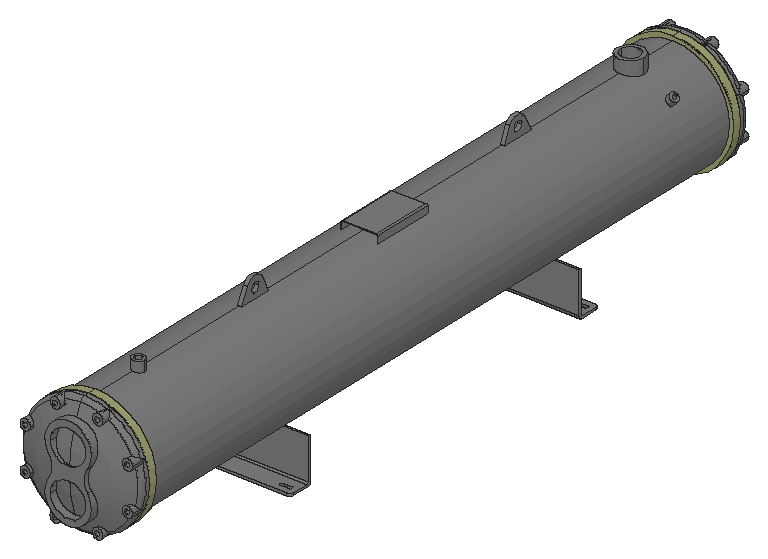
Revit family "MIT-BCM_315_4P", category Specialty Equipment, Revit 2022
Family settings
  Round Connector Dimension = Use Radius
  Part Type = Normal
  Work Plane-Based = No
  Always vertical = Yes
  Cut with Voids When Loaded = No
  Maintain Annotation Orientation = No
  Shared = No
  Room Calculation Point = No
Parameters
  URL = "https://en.ekinendustriyel.com/evaporators-and-condensers"
  Test Pressure = 64.35 bar
  Production Standard = "TS EN 13831"
  Operating Pressure = 45.0 bar
  Model = "MIT-BCM 315_4P"
  Manufacturer = "Ekin Endüstriyel"
  Keynote = "Condensers"
  Description = "MIT- Condensers"
  Default Elevation = 0 mm
Reference planes
  plane 1 "Center (Front/Back)": y = 0
  plane 2: z = 0
  plane 3 "Center (Left/Right)": x = 0
Forms (mm)
  Extrusion 1, solid, material "Ekin Endustriyel-S235JR"
    sketch origin (0, 0, 0) x (1, 0, 0) y (0, 0, 1)
      loop
        circle (0, 216.5) r 136.55
    from -880 to 880
  Extrusion 2, solid, material "Ekin Endustriyel-S235JR", detail levels fine
    sketch origin (0, 0, 107.968) x (1, 0, 0) y (0, 0, 1)
      loop
        line (-45, 235.88) -> (-44, 235.88) -> (-44, 252.88)
        arc (-44, 252.88) -> (-43.414, 254.294) -> (-42, 254.88) r 2
        line (-42, 254.88) -> (42, 254.88)
        arc (42, 254.88) -> (43.414, 254.294) -> (44, 252.88) r 2
        line (44, 252.88) -> (44, 235.88) -> (45, 235.88) -> (45, 252.88)
        arc (45, 252.88) -> (44.121, 255.002) -> (42, 255.88) r 3
        line (42, 255.88) -> (-42, 255.88)
        arc (-42, 255.88) -> (-44.121, 255.002) -> (-45, 252.88) r 3
        line (-45, 252.88) -> (-45, 235.88)
    from -75 to 75
  Extrusion 3, solid, material "Ekin Endustriyel-S235JR", detail levels fine
    sketch origin (0, 500.19, 28.671) x (1, 0, 0) y (0, 1, 0)
      loop
        circle (0, 249.81) r 32.5
      loop
        circle (0, 249.81) r 23.144
    from 354.329 to 306.293
  Extrusion 4, solid, material "Ekin Endustriyel-S235JR", detail levels fine
    sketch origin (0, -499.666, 25.55) x (1, 0, 0) y (0, 1, 0)
      loop
        circle (0, -250.334) r 15
      loop
        circle (0, -250.334) r 8.928
    from 349.45 to 211.07
  Extrusion 5, solid, material "Ekin Endustriyel-S235JR", detail levels fine
    sketch origin (71.72, 749.856, 264.541) x (0, 1, 0) y (-0.707107, 0, 0.707107)
      loop
        circle (0.144, 16.744) r 11
      loop
        circle (0.144, 16.744) r 6.244
    from 66.816 to -32.02
  Extrusion 6, solid, material "Ekin Endustriyel-S235JR", detail levels fine
    sketch origin (0, -500.291, 0) x (1, 0, 0) y (0, 1, 0)
      loop
        circle (0, -249.709) r 25
      loop
        circle (0, -249.709) r 20.109
    from 50 to 169.15
  Extrusion 7, solid, material "Ekin Endustriyel-S235JR", detail levels coarse
    sketch origin (0, 0, 12.15) x (1, 0, 0) y (0, 0, 1)
      loop
        circle (0, 204.35) r 147.5
    from -953 to 963
  Extrusion 8, solid, material "Ekin Endustriyel-S235JR"
    sketch origin (0, -275.334, 0) x (0, -1, 0) y (0, 0, -1)
      loop
        line (134.666, -9) -> (134.666, -110) -> (139.666, -110) -> (139.666, -9)
        arc (139.666, -9) -> (140.837, -6.172) -> (143.666, -5) r 4
        line (143.666, -5) -> (194.666, -5) -> (194.666, 0) -> (143.666, 0)
        arc (143.666, 0) -> (137.302, -2.636) -> (134.666, -9) r 9
    from -147.5 to 147.5
  Extrusion 9, void
    sketch origin (0, -470, 5) x (0, 1, 0) y (-1, 0, 0)
      loop
        arc (25.25, -111) -> (20, -105.75) -> (14.75, -111) r 5.25
        line (14.75, -111) -> (14.75, -131)
        arc (14.75, -131) -> (20, -136.25) -> (25.25, -131) r 5.25
        line (25.25, -131) -> (25.25, -111)
      loop
        arc (10, -147.5) -> (2.929, -144.571) -> (0, -137.5) r 10
        line (0, -137.5) -> (0, 137.5)
        arc (0, 137.5) -> (2.929, 144.571) -> (10, 147.5) r 10
        line (10, 147.5) -> (-10, 147.5) -> (-10, -147.5) -> (10, -147.5)
      loop
        line (14.75, 131) -> (14.75, 111)
        arc (14.75, 111) -> (20, 105.75) -> (25.25, 111) r 5.25
        line (25.25, 111) -> (25.25, 131)
        arc (25.25, 131) -> (20, 136.25) -> (14.75, 131) r 5.25
    from -5 to 0
  Extrusion 10, solid, material "Ekin Endustriyel-S235JR", detail levels medium+fine
    sketch origin (40, -549.666, 12.133) x (1, 0, 0) y (0, 0, 1)
      loop
        circle (-40, 261.867) r 42.65
      loop
        circle (-40, 146.867) r 42.65
      loop
        arc (7.514, 231.018) -> (-40, 318.517) -> (-87.514, 231.018) r 56.65
        arc (-87.514, 231.018) -> (-80.172, 204.367) -> (-87.514, 177.716) r 52.041
        arc (-87.514, 177.716) -> (-40, 90.217) -> (7.514, 177.716) r 56.65
        arc (7.514, 177.716) -> (0.172, 204.367) -> (7.514, 231.018) r 52.041
    from 390.526 to 413.334
  Extrusion 11, solid, material "Ekin Endustriyel-S235JR", detail levels medium+fine
    sketch origin (0, -549.666, 12.133) x (1, 0, 0) y (0, 0, -1)
      loop
        circle (-51.638, -329.097) r 12.5
      loop
        circle (-51.662, -329.09) r 6.25
      loop
        circle (51.638, -329.097) r 12.5
      loop
        circle (51.662, -329.09) r 6.25
      loop
        circle (-51.638, -79.637) r 12.5
      loop
        circle (-51.662, -79.643) r 6.25
      loop
        circle (51.638, -79.637) r 12.5
      loop
        circle (51.662, -79.643) r 6.25
      loop
        circle (-124.73, -152.728) r 12.5
      loop
        circle (-124.724, -152.704) r 6.25
      loop
        circle (-124.73, -256.005) r 12.5
      loop
        circle (-124.724, -256.029) r 6.25
      loop
        circle (124.73, -152.728) r 12.5
      loop
        circle (124.724, -152.704) r 6.25
      loop
        circle (124.73, -256.005) r 12.5
      loop
        circle (124.724, -256.029) r 6.25
    from -388.334 to -355.334
  Extrusion 12, solid, material "Ekin Endustriyel-S235JR", detail levels fine
    sketch origin (0, -0.334, 79.238) x (0, -1, 0) y (0, 0, -1)
      loop
        line (-440.334, -273.721) -> (-422.806, -309.676)
        arc (-422.806, -309.676) -> (-400.334, -323.721) -> (-377.863, -309.676) r 25
        line (-377.863, -309.676) -> (-360.334, -273.721) -> (-440.334, -273.721)
      loop
        circle (-400.334, -298.721) r 12.5
      loop
        line (439.666, -273.721) -> (359.666, -273.721) -> (377.194, -309.676)
        arc (377.194, -309.676) -> (399.666, -323.721) -> (422.137, -309.676) r 25
        line (422.137, -309.676) -> (439.666, -273.721)
      loop
        circle (399.666, -298.721) r 12.5
    from -5 to 5
  Extrusion 13, solid, material "Ekin Endustriyel-AISI316L", detail levels medium+fine
    sketch origin (0, -549.666, 12.133) x (1, 0, 0) y (0, 0, 1)
      loop
        circle (0, 204.367) r 147.5
    from 330.334 to 350.334
  Revolve 14, solid, material "Ekin Endustriyel-S235JR", detail levels medium+fine
    sketch origin (0, -549.666, 12.133) x (0, 1, 0) y (0, 0, 1)
      loop
        line (-350.334, 351.867) -> (-361.403, 351.867)
        arc (-361.403, 351.867) -> (-369.114, 349.693) -> (-374.553, 343.811) r 14.761
        arc (-374.553, 343.811) -> (-399.668, 276.073) -> (-408.463, 204.367) r 310.769
        line (-408.463, 204.367) -> (-350.334, 204.367) -> (-350.334, 351.867)
      axis (-350.334, 204.367) -> (-408.463, 204.367)
    angle from 0 to 360
  Extrusion 15, solid, material "Ekin Endustriyel-S235JR"
    sketch origin (0, 275.334, 0) x (0, 1, 0) y (0, 0, 1)
      loop
        arc (134.666, 9) -> (137.302, 2.636) -> (143.666, 0) r 9
        line (143.666, 0) -> (194.666, 0) -> (194.666, 5) -> (143.666, 5)
        arc (143.666, 5) -> (140.837, 6.172) -> (139.666, 9) r 4
        line (139.666, 9) -> (139.666, 110) -> (134.666, 110) -> (134.666, 9)
    from -147.5 to 147.5
  Extrusion 16, void
    sketch origin (0, 470, 5) x (0, -1, 0) y (1, 0, 0)
      loop
        line (25.25, 111) -> (25.25, 131)
        arc (25.25, 131) -> (20, 136.25) -> (14.75, 131) r 5.25
        line (14.75, 131) -> (14.75, 111)
        arc (14.75, 111) -> (20, 105.75) -> (25.25, 111) r 5.25
      loop
        line (10, 147.5) -> (-10, 147.5) -> (-10, -147.5) -> (10, -147.5)
        arc (10, -147.5) -> (2.929, -144.571) -> (0, -137.5) r 10
        line (0, -137.5) -> (0, 137.5)
        arc (0, 137.5) -> (2.929, 144.571) -> (10, 147.5) r 10
      loop
        arc (14.75, -131) -> (20, -136.25) -> (25.25, -131) r 5.25
        line (25.25, -131) -> (25.25, -111)
        arc (25.25, -111) -> (20, -105.75) -> (14.75, -111) r 5.25
        line (14.75, -111) -> (14.75, -131)
    from -5 to 0
  Extrusion 17, solid, material "Ekin Endustriyel-S235JR", detail levels medium+fine
    sketch origin (0, 549.666, 12.133) x (1, 0, 0) y (0, 0, 1)
      loop
        circle (-51.638, 329.097) r 12.5
      loop
        circle (-51.662, 329.09) r 6.25
      loop
        circle (51.638, 329.097) r 12.5
      loop
        circle (51.662, 329.09) r 6.25
      loop
        circle (-51.638, 79.637) r 12.5
      loop
        circle (-51.662, 79.643) r 6.25
      loop
        circle (51.638, 79.637) r 12.5
      loop
        circle (51.662, 79.643) r 6.25
      loop
        circle (-124.73, 152.728) r 12.5
      loop
        circle (-124.724, 152.704) r 6.25
      loop
        circle (-124.73, 256.005) r 12.5
      loop
        circle (-124.724, 256.029) r 6.25
      loop
        circle (124.73, 152.728) r 12.5
      loop
        circle (124.724, 152.704) r 6.25
      loop
        circle (124.73, 256.005) r 12.5
      loop
        circle (124.724, 256.029) r 6.25
      loop
        circle (92.985, 111.382) r 14.499
    from -388.334 to -355.334
  Extrusion 18, solid, material "Ekin Endustriyel-AISI316L", detail levels medium+fine
    sketch origin (0, 549.666, 12.133) x (1, 0, 0) y (0, 0, -1)
      loop
        circle (0, -204.367) r 147.5
    from 330.334 to 350.334
  Revolve 19, solid, material "Ekin Endustriyel-S235JR", detail levels medium+fine
    sketch origin (0, 549.666, 12.133) x (0, -1, 0) y (0, 0, -1)
      loop
        line (-350.334, -351.867) -> (-350.334, -204.367) -> (-408.463, -204.367)
        arc (-408.463, -204.367) -> (-399.668, -276.073) -> (-374.553, -343.811) r 310.769
        arc (-374.553, -343.811) -> (-369.114, -349.693) -> (-361.403, -351.867) r 14.761
        line (-361.403, -351.867) -> (-350.334, -351.867)
      axis (-350.334, -204.367) -> (-408.463, -204.367)
    angle from 0 to 360
  Extrusion 20, solid, material "Ekin Endustriyel-Zinc", detail levels medium+fine
    sketch origin (0, 549.666, 12.133) x (1, 0, 0) y (0, 0, 1)
      loop
        circle (-92.985, 297.351) r 14.5
    from -388.334 to -355.334
  Extrusion 21, solid, material "Ekin Endustriyel-S235JR", detail levels medium+fine
    sketch origin (0, 549.666, 12.133) x (1, 0, 0) y (0, 0, 1)
      loop
        circle (0, 279.367) r 17.52
      loop
        circle (-0.248, 129.396) r 17.5
    from -404.161 to -355.334
Cuts and joins
  Extrusion 9, Extrusion 16 cuts Extrusion 8
  Extrusion 16 cuts Extrusion 15
  joined: Extrusion 1, Extrusion 8, Extrusion 15
Dimensions and locks
  aligned and locked: level to plane 2
Connectors
  piping at (0, -963, 274), diameter 76.2
    settings: on Extrusion 10, index 1, connector inside diameter 609.6 mm, connector length 0 mm, flow factor 0, pipe flow 0.0 L/s, pressure drop 0.0 Pa, fitting loss kfactor 0, connector angle 0.00°, fixture units 0, engagement length 0 mm, angle of deflection 0.00°, flow configuration 0, flow direction 1, fitting loss method 0, system type 7, joint type 0, gender type 0, connector reference index -1, connector utility 0, adjustable connector no, is connector primary yes, connector description ""
  piping at (0, -963, 159), diameter 76.2
    settings: on Extrusion 10, index 2, connector inside diameter 609.6 mm, connector length 0 mm, flow factor 0, pipe flow 0.0 L/s, pressure drop 0.0 Pa, fitting loss kfactor 0, connector angle 0.00°, fixture units 0, engagement length 0 mm, angle of deflection 0.00°, flow configuration 0, flow direction 2, fitting loss method 0, system type 7, joint type 0, gender type 0, connector reference index -1, connector utility 0, adjustable connector no, is connector primary no, connector description ""
  hvac at (0, 750, 383)
    settings: on Extrusion 3, index 3, duct flow 0.0 L/s, flow factor 0, pres drop 0.0 bar, loss coef 0, conn angle 0.00°, conn width 304.8 mm, conn height 304.8 mm, conn diameter 54 mm, duct sys type 3, conn prof type 0, flow config 0, flow direction 0, loss method 0, conn ref index -1, conn util no, is conn primary yes, conn desc ""
  hvac at (0, -750, 50)
    settings: on Extrusion 6, index 4, duct flow 0.0 L/s, flow factor 0, pres drop 0.0 bar, loss coef 0, conn angle 0.00°, conn width 304.8 mm, conn height 304.8 mm, conn diameter 42 mm, duct sys type 3, conn prof type 0, flow config 0, flow direction 0, loss method 0, conn ref index -1, conn util no, is conn primary no, conn desc ""
